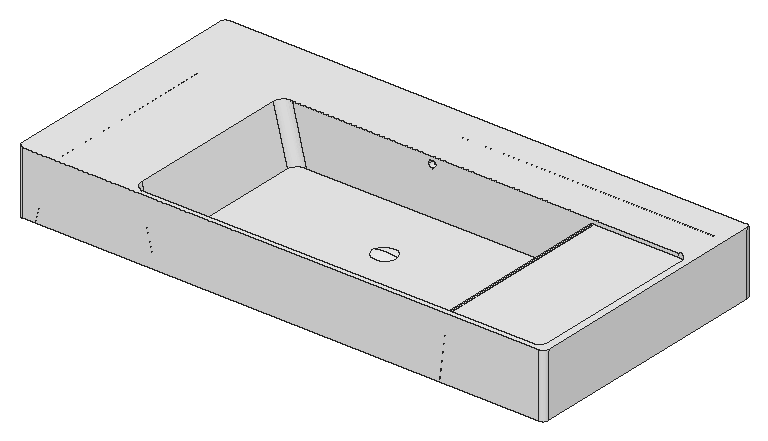
Revit family "Reece_Basin_Roca_Inspira_Wall Basin_1000 mm", category Plumbing Fixtures, Revit 2018
Family settings
  Round Connector Dimension = Use Diameter
  Part Type = Normal
  Work Plane-Based = Yes
  Always vertical = Yes
  Cut with Voids When Loaded = Yes
  Shared = Yes
  Room Calculation Point = Yes
Parameters (values of type "1 Taphole_FINECERAMIC")
  URL = "https://www.reece.com.au/product/-9508154"
  Type Comments = "Basin"
  Reece_Product_Web Page = "https://www.reece.com.au/product/-9508154"
  Reece_Product_Type = "Basin"  # constant formula
  Reece_Product_Sub Brand = "The Gap"  # constant formula
  Reece_Product_Number = "9508154"
  Reece_Product_Mount = "Wall Mounted"
  Reece_Product_Description = "Roca Inspira Wall Basin with Fixings 1000mm x 490mm White"
  Reece_Product_Brand = "Roca"  # constant formula
  Reece_Overall_Width = 1000 mm  # constant formula
  Reece_Overall_Length = 490 mm  # constant formula
  Reece_Overall_Height = 120 mm  # constant formula
  Reece_Overall_Capacity = 14.10 L  # constant formula
  Reece_Material_Secondary = Reece_Brass_Chrome
  Reece_Material_Main = Reece_FINECERAMIC_White
  Reece_Height_From_Level = 900 mm
  Reece_Detail_Installation = "Wall Basin\r\n"  # constant formula
  Reece_Detail_Disclaimer = "THIS FILE IS THE PROPERTY OF THE REECE GROUP. IT MAY NOT BE REPRODUCED, REVERSE-ENGINEERED OR MODIFIED. ANY REPUBLICATION, TRANSMISSION OR DISTRIBUTION FOR THE PURPOSE OF COMMERCIALLY EXPLOITING THE FILES IS PROHIBITED."  # constant formula
  Reece_Detail_Connector = "1 Taphole"  # constant formula
  Reece_Detail_Additional = "Integrated Overflow"  # constant formula
  Reece_Basin_Taphole 1 = yes
  Reece_Basin_Outlet = 46 mm  # constant formula
  Model = "The Gap"
  Manufacturer = "Roca"
  Keynote = "Product #9508154, Reece_Basin_Roca_Inspira_Wall Basin_1000 mm - 1 Taphole_FINECERAMIC"
  Disclaimer = "THIS FILE IS THE PROPERTY OF THE REECE GROUP. IT MAY NOT BE REPRODUCED, REVERSE-ENGINEERED OR MODIFIED. ANY REPUBLICATION, TRANSMISSION OR DISTRIBUTION FOR THE PURPOSE OF COMMERCIALLY EXPLOITING THE FILES IS PROHIBITED."  # constant formula
  Description = "Roca Inspira Wall Basin with Fixings 1000mm x 490mm White"
  Default Elevation = 0 mm
Types (2, lengths in mm): name | Keynote
  (no name) | "Product #9508154, Reece_Basin_Roca_Inspira_Wall Basin_1000 mm -  "
  1 Taphole_FINECERAMIC | "Product #9508154, Reece_Basin_Roca_Inspira_Wall Basin_1000 mm - 1 Taphole_FINECERAMIC"
Reference planes
  plane 1 "Center (Front/Back)": y = 0
  plane 2 "Bottom Host Plane": z = -5
  plane 3 "Center (Left/Right)": x = 0
  plane 4: x = -500
  plane 5: x = 500
  plane 6: x = 300
  plane 7: x = -287
  plane 8: x = 140
  plane 9: x = -140
  plane 10: x = -378
  plane 11: x = 378
  plane 12 "Top host": z = 900
  plane 13: z = 780
  plane 14: z = 737
  plane 15: x = 500
  plane 16: x = -500
  plane 17: x = 500
  plane 18: y = -490
  plane 19: y = -70
  plane 20: y = -130
  plane 21: y = -482
Forms (mm)
  Extrusion 1, solid, material "Reece_FINECERAMIC_White" <- "Reece_Material_Main"
    sketch origin (0, -245, 780) x (1, 0, 0) y (0, 1, 0)
      loop
        arc (-490, 245) -> (-497.071, 242.071) -> (-500, 235) r 10
        line (-500, 235) -> (-500, -235)
        arc (-500, -235) -> (-497.071, -242.071) -> (-490, -245) r 10
        line (-490, -245) -> (490, -245)
        arc (490, -245) -> (497.071, -242.071) -> (500, -235) r 10
        line (500, -235) -> (500, 235)
        arc (500, 235) -> (497.071, 242.071) -> (490, 245) r 10
        line (490, 245) -> (-490, 245)
    from 0 to 120
  Sweep 2, solid, material "Reece_FINECERAMIC_White" <- "Reece_Material_Main"
    path origin (0, -245, 781.25) x (1, 0, 0) y (0, 0, 1)
      loop
        line (485.845, 110) -> (304.144, 110)
        arc (304.144, 110) -> (300.766, 108.686) -> (299.163, 105.436) r 5
        line (299.163, 105.436) -> (292.001, 23.574)
        arc (292.001, 23.574) -> (289.164, 17.428) -> (283.061, 14.498) r 10
        arc (283.061, 14.498) -> (8.572, 2.258) -> (-265.917, 14.498) r 3083.832
        arc (-265.917, 14.498) -> (-271.88, 17.296) -> (-274.809, 23.195) r 10
        line (-274.809, 23.195) -> (-286.679, 117.451)
    profile origin (394.995, -245, 891.25) x (0, 0, -1) y (0, -1, 0)
      loop
        line (0, -115.206) -> (3, -115.206) -> (3, 237) -> (0, 237) -> (0, -115.206)
  Extrusion 3, void
    sketch origin (0, -245, 777.5) x (1, 0, 0) y (0, 0, 1)
      loop
        circle (0, 108.206) r 7
    from -139.339 to -76.725
  SweptBlend 4, void
    path origin (0, -245, 780) x (1, 0, 0) y (0, 0, 1)
      loop
        line (0, 0) -> (0, 120)
    profile origin (0, -245, 780) x (-1, 0, 0) y (0, -1, 0)
      loop
        line (257, -95) -> (257, 217)
        arc (257, 217) -> (251.142, 231.142) -> (237, 237) r 20
        line (237, 237) -> (-440, 237)
        arc (-440, 237) -> (-454.142, 231.142) -> (-460, 217) r 20
        line (-460, 217) -> (-460, -95)
        arc (-460, -95) -> (-454.142, -109.142) -> (-440, -115) r 20
        line (-440, -115) -> (237, -115)
        arc (237, -115) -> (251.142, -109.142) -> (257, -95) r 20
    end profile origin (0, -245, 900) x (-1, 0, 0) y (0, -1, 0)
      loop
        line (287, -95) -> (287, 217)
        arc (287, 217) -> (281.142, 231.142) -> (267, 237) r 20
        line (267, 237) -> (-467.5, 237)
        arc (-467.5, 237) -> (-481.642, 231.142) -> (-487.5, 217) r 20
        line (-487.5, 217) -> (-487.5, -95)
        arc (-487.5, -95) -> (-481.642, -109.142) -> (-467.5, -115) r 20
        line (-467.5, -115) -> (267, -115)
        arc (267, -115) -> (281.142, -109.142) -> (287, -95) r 20
  Revolve 5, solid, material "Reece_FINECERAMIC_White" <- "Reece_Material_Main"
    sketch origin (0, -245, 776.459) x (1, 0, 0) y (0, 0, 1)
      loop
        line (0, 6.428) -> (-48.934, 6.428)
        arc (-48.934, 6.428) -> (-41.372, 3.746) -> (-37.191, -3.102) r 12
        line (-37.191, -3.102) -> (-30.381, -35.488)
        arc (-30.381, -35.488) -> (-28.639, -38.342) -> (-25.488, -39.459) r 5
        line (-25.488, -39.459) -> (0, -39.459) -> (0, 6.428)
      axis (0, 6.428) -> (0, -39.459)
    angle from 0 to 360
  Extrusion 6, void
    sketch origin (0, -247, 780) x (1, 0, 0) y (0, 0, 1)
      loop
        arc (-426.944, 115) -> (-436.179, 111.82) -> (-441.499, 103.629) r 15
        line (-441.499, 103.629) -> (-467.336, 0) -> (-288.664, 0) -> (-314.501, 103.629)
        arc (-314.501, 103.629) -> (-319.821, 111.82) -> (-329.056, 115) r 15
        line (-329.056, 115) -> (-426.944, 115)
      loop
        line (430.684, 100) -> (325.316, 100)
        arc (325.316, 100) -> (316.081, 96.82) -> (310.761, 88.629) r 15
        line (310.761, 88.629) -> (299.879, 0) -> (456.121, 0) -> (445.239, 88.629)
        arc (445.239, 88.629) -> (439.919, 96.82) -> (430.684, 100) r 15
    from -107 to 240.171
  Extrusion 7, void
    sketch origin (0, -245, 780) x (0, 1, 0) y (0, 0, 1)
      loop
        line (186.504, 116.44) -> (126.31, 116.44)
        arc (126.31, 116.44) -> (125.37, 116.365) -> (124.453, 116.143) r 5.944
        line (124.453, 116.143) -> (124.453, 0) -> (221.897, 0) -> (196.98, 107.828)
        arc (196.98, 107.828) -> (193.285, 114.011) -> (186.504, 116.44) r 10.678
    from -467.336 to 490
  Extrusion 8, void
    sketch origin (0, -245, 780) x (1, 0, 0) y (0, 0, 1)
      loop
        spline (-390.5, 78) -> (-390.074, 76.059) -> (-388.825, 74.25) -> (-386.839, 72.697) -> (-384.25, 71.505) -> (-381.235, 70.756) -> (-378, 70.5) -> (-374.765, 70.756) -> (-371.75, 71.505) -> (-369.161, 72.697) -> (-367.175, 74.25) -> (-365.926, 76.059) -> (-365.5, 78)
        spline (-365.5, 78) -> (-365.926, 79.941) -> (-367.175, 81.75) -> (-369.161, 83.303) -> (-371.75, 84.495) -> (-374.765, 85.244) -> (-378, 85.5) -> (-381.235, 85.244) -> (-384.25, 84.495) -> (-386.839, 83.303) -> (-388.825, 81.75) -> (-390.074, 79.941) -> (-390.5, 78)
      loop
        spline (390.5, 78) -> (390.074, 79.941) -> (388.825, 81.75) -> (386.839, 83.303) -> (384.25, 84.495) -> (381.235, 85.244) -> (378, 85.5) -> (374.765, 85.244) -> (371.75, 84.495) -> (369.161, 83.303) -> (367.175, 81.75) -> (365.926, 79.941) -> (365.5, 78)
        spline (365.5, 78) -> (365.926, 76.059) -> (367.175, 74.25) -> (369.161, 72.697) -> (371.75, 71.505) -> (374.765, 70.756) -> (378, 70.5) -> (381.235, 70.756) -> (384.25, 71.505) -> (386.839, 72.697) -> (388.825, 74.25) -> (390.074, 76.059) -> (390.5, 78)
      loop
        spline (-152.5, 78) -> (-152.074, 76.059) -> (-150.825, 74.25) -> (-148.839, 72.697) -> (-146.25, 71.505) -> (-143.235, 70.756) -> (-140, 70.5) -> (-136.765, 70.756) -> (-133.75, 71.505) -> (-131.161, 72.697) -> (-129.175, 74.25) -> (-127.926, 76.059) -> (-127.5, 78)
        spline (-127.5, 78) -> (-127.926, 79.941) -> (-129.175, 81.75) -> (-131.161, 83.303) -> (-133.75, 84.495) -> (-136.765, 85.244) -> (-140, 85.5) -> (-143.235, 85.244) -> (-146.25, 84.495) -> (-148.839, 83.303) -> (-150.825, 81.75) -> (-152.074, 79.941) -> (-152.5, 78)
      loop
        spline (127.5, 78) -> (127.926, 76.059) -> (129.175, 74.25) -> (131.161, 72.697) -> (133.75, 71.505) -> (136.765, 70.756) -> (140, 70.5) -> (143.235, 70.756) -> (146.25, 71.505) -> (148.839, 72.697) -> (150.825, 74.25) -> (152.074, 76.059) -> (152.5, 78)
        spline (152.5, 78) -> (152.074, 79.941) -> (150.825, 81.75) -> (148.839, 83.303) -> (146.25, 84.495) -> (143.235, 85.244) -> (140, 85.5) -> (136.765, 85.244) -> (133.75, 84.495) -> (131.161, 83.303) -> (129.175, 81.75) -> (127.926, 79.941) -> (127.5, 78)
    from -259.453 to -212.792
  Revolve 9, solid, material "Reece_Brass_Chrome" <- "Reece_Material_Secondary"
    sketch origin (0, -245.039, 781.738) x (1, 0, 0) y (0, 0, 1)
      loop
        line (0, -0.24) -> (0, 7.046)
        arc (0, 7.046) -> (-16.685, 5.909) -> (-33.164, 3.06) r 162.307
        line (-33.164, 3.06) -> (-33.164, -0.24) -> (-29.746, -0.24) -> (-28.177, -4.551) -> (-23.036, -4.551) -> (-23.036, -0.24) -> (0, -0.24)
      axis (0, 7.046) -> (0, -4.551)
    angle from 0 to 360
  Revolve 10, void
    sketch origin (0, -245.039, 781.738) x (1, 0, 0) y (0, 0, 1)
      loop
        line (0, 12.931) -> (-23.036, 12.931) -> (-23.036, -44.738) -> (0, -44.738) -> (0, 12.931)
      axis (0, 12.931) -> (0, -44.738)
    angle from 0 to 360
Cuts and joins
  Extrusion 3, SweptBlend 4, Extrusion 6, Extrusion 7, Extrusion 8 cuts Extrusion 1
  Revolve 10 cuts Sweep 2
  Revolve 10 cuts Revolve 5
  joined: Extrusion 1, Sweep 2, Revolve 5
Lines and regions (mm)
  model lines, style "InvisibleLines"
    curve 1: line (0, 0, -5) -> (0, 0, 900)
  model lines, visible <- "Reece_Basin_Taphole 1"
    curve 2: circle (0, -70, 900) r 17.5 normal (0, 0, 1)
Text (mm)
  text "Reece ©" at (2750.254, -2396.412, 2870.147), in view "Reece Preview"
  text "Reece Copyright © 2018, Reece Ltd." at (-615.985, -694.172, 0), in view "Ref. Level"
Dimensions and locks
  "Reece_Overall_Width": plane 4 to plane 5
  equal spacing: plane 4, plane 3 "Center (Left/Right)", plane 5
  plane 7 to plane 6 to plane 5 = 587 mm, 200 mm
  plane 10 to plane 9 to plane 8 to plane 11 = 238 mm, 280 mm, 238 mm
  "Reece_Height_From_Level": plane 12 "Top host" to level
  "Reece_Overall_Height": plane 12 "Top host" to plane 13
  locked: plane 12 "Top host" to Revolve 5 at 163
  locked: plane 13 to plane 14 at 43
  "Reece_Overall_Width": plane 16 to plane 17
  plane 12 "Top host" to plane 14 = 163 mm
  plane 1 "Center (Front/Back)" to cut or joined group of Extrusion 1, Sweep 2, Extrusion 3, SweptBlend 4, Revolve 5, Extrusion 6, Extrusion 7, Extrusion 8, Revolve 10 = 32.208 mm
  "Reece_Overall_Length": plane 1 "Center (Front/Back)" to plane 18
  "Reece_Overall_Height": cut or joined group of Extrusion 1, Sweep 2, Extrusion 3, SweptBlend 4, Revolve 5, Extrusion 6, Extrusion 7, Extrusion 8, Revolve 10 to plane 13
  plane 7 to plane 6 to cut or joined group of Extrusion 1, Sweep 2, Extrusion 3, SweptBlend 4, Revolve 5, Extrusion 6, Extrusion 7, Extrusion 8, Revolve 10 = 587 mm, 200 mm
  plane 1 "Center (Front/Back)" to plane 19 to plane 20 to plane 21 = 70 mm, 60 mm, 352 mm
  "Reece_Overall_Length": cut or joined group of Extrusion 1, Sweep 2, Extrusion 3, SweptBlend 4, Revolve 5, Extrusion 6, Extrusion 7, Extrusion 8, Revolve 10 to plane 1 "Center (Front/Back)"
  aligned and locked: plane 12 "Top host" to curve 1
  aligned and locked: plane 2 "Bottom Host Plane" to curve 1
  aligned and locked: plane 12 "Top host" to Extrusion 1
  aligned and locked: Extrusion 1 to SweptBlend 4
Automatic sketch dimensions
  curve 1 to plane 1 "Center (Front/Back)" = 0 mm
  Extrusion 1 sketch curve to plane 4 = 0 mm
  plane 18 to Extrusion 1 sketch curve = 0 mm
  plane 1 "Center (Front/Back)" to Extrusion 1 sketch curve = 0 mm
  Extrusion 1 sketch curve to plane 5 = 0 mm
  plane 4 to Extrusion 1 sketch curve = 10 mm  (x2)
  plane 5 to Extrusion 1 sketch curve = 10 mm  (x2)
  plane 7 to Sweep 2 sketch curve = 12.191 mm
  Sweep 2 sketch curve to Sweep 2 sketch curve = 9.922 mm
  plane 3 "Center (Left/Right)" to Sweep 2 sketch curve = 8.572 mm
  Sweep 2 sketch curve to plane 6 = 17.961 mm
  Sweep 2 sketch curve to plane 6 = 7.999 mm
  Sweep 2 sketch curve to plane 6 = 0.837 mm
  plane 6 to Sweep 2 sketch curve = 4.144 mm
  Sweep 2 sketch curve to plane 13 = 24.445 mm
  Sweep 2 sketch curve to plane 13 = 24.824 mm
  Sweep 2 sketch curve to Sweep 2 sketch curve = 1.249 mm
  Sweep 2 sketch curve to Sweep 2 sketch curve = 0.872 mm
  Sweep 2 sketch curve to plane 12 "Top host" = 13.75 mm
  Sweep 2 sketch curve to Sweep 2 sketch curve = 0.436 mm
  plane 12 "Top host" to Sweep 2 sketch curve = 2967.339 mm
  plane 7 to Sweep 2 sketch curve = 0.321 mm
  Sweep 2 sketch curve to Sweep 2 sketch curve = 1.029 mm
  plane 5 to Sweep 2 sketch curve = 14.155 mm
  Sweep 2 sketch curve to plane 12 "Top host" = 1.299 mm
  Sweep 2 sketch curve to profile plane = 0 mm
  Sweep 2 sketch curve to Sweep 2 sketch curve = 3 mm
  Sweep 2 sketch curve to profile plane = 115.206 mm
  profile plane to Sweep 2 sketch curve = 237 mm
  Extrusion 3 sketch curve to plane 3 "Center (Left/Right)" = 0 mm
  Extrusion 3 sketch curve to plane 12 "Top host" = 14.294 mm
  SweptBlend 4 sketch curve to plane 3 "Center (Left/Right)" = 0 mm
  SweptBlend 4 sketch curve to plane 13 = 0 mm
  SweptBlend 4 sketch curve to plane 12 "Top host" = 0 mm
  profile plane to SweptBlend 4 sketch curve = 487.5 mm
  SweptBlend 4 sketch curve to SweptBlend 4 sketch curve = 20 mm  (x5)
  SweptBlend 4 sketch curve to profile plane = 95 mm  (x3)
  SweptBlend 4 sketch curve to profile plane = 267 mm  (x2)
  profile plane to SweptBlend 4 sketch curve = 217 mm  (x2)
  profile plane to SweptBlend 4 sketch curve = 460 mm
  SweptBlend 4 sketch curve to profile plane = 237 mm  (x2)
  Extrusion 6 sketch curve to plane 13 = 0 mm  (x2)
  plane 4 to Extrusion 6 sketch curve = 32.664 mm
  Extrusion 6 sketch curve to plane 12 "Top host" = 16.371 mm  (x2)
  plane 4 to Extrusion 6 sketch curve = 58.501 mm
  Extrusion 6 sketch curve to plane 12 "Top host" = 5 mm
  Extrusion 6 sketch curve to Extrusion 6 sketch curve = 14.554 mm  (x4)
  Extrusion 6 sketch curve to plane 7 = 42.056 mm
  Extrusion 6 sketch curve to plane 7 = 1.664 mm
  Extrusion 6 sketch curve to plane 6 = 0.121 mm
  plane 6 to Extrusion 6 sketch curve = 10.761 mm
  Extrusion 6 sketch curve to plane 12 "Top host" = 20 mm
  plane 11 to Extrusion 6 sketch curve = 52.684 mm
  Extrusion 6 sketch curve to plane 12 "Top host" = 31.371 mm
  plane 5 to Extrusion 6 sketch curve = 43.879 mm
  Extrusion 6 sketch curve to Extrusion 6 sketch curve = 15 mm
  plane 13 to Extrusion 7 sketch curve = 0 mm
  plane 1 "Center (Front/Back)" to Extrusion 7 sketch curve = 120.547 mm
  Extrusion 7 sketch curve to Extrusion 7 sketch curve = 1.857 mm
  Extrusion 7 sketch curve to plane 12 "Top host" = 14.238 mm
  plane 1 "Center (Front/Back)" to Extrusion 7 sketch curve = 58.496 mm
  Extrusion 7 sketch curve to plane 12 "Top host" = 12.172 mm
  Extrusion 7 sketch curve to Extrusion 7 sketch curve = 10.476 mm
  plane 1 "Center (Front/Back)" to Extrusion 7 sketch curve = 23.103 mm
  Extrusion 7 sketch curve to Extrusion 7 sketch curve = 5.944 mm
  plane 10 to Extrusion 8 sketch curve = 0 mm
  Extrusion 8 sketch curve to plane 9 = 0 mm
  Extrusion 8 sketch curve to plane 8 = 0 mm
  Extrusion 8 sketch curve to plane 11 = 0 mm
  plane 10 to Extrusion 8 sketch curve = 12.5 mm
  Extrusion 8 sketch curve to plane 12 "Top host" = 42 mm  (x4)
  Extrusion 8 sketch curve to plane 9 = 12.5 mm
  Extrusion 8 sketch curve to Extrusion 8 sketch curve = 12.5 mm
  plane 11 to Extrusion 8 sketch curve = 12.5 mm
  curve 2 to plane 3 "Center (Left/Right)" = 0 mm
  plane 1 "Center (Front/Back)" to curve 2 = 70 mm
  plane 13 to Revolve 9 sketch curve = 2.813 mm
  Revolve 9 sketch curve to plane 3 "Center (Left/Right)" = 0 mm  (x2)
  Revolve 9 sketch curve to plane 13 = 1.498 mm  (x2)
  Revolve 9 sketch curve to Revolve 9 sketch curve = 23.036 mm
  Revolve 9 sketch curve to Revolve 9 sketch curve = 5.141 mm
  Revolve 9 sketch curve to Revolve 9 sketch curve = 1.569 mm
  Revolve 9 sketch curve to Revolve 9 sketch curve = 3.418 mm
  plane 3 "Center (Left/Right)" to Revolve 9 sketch curve = 2.68 mm
  Revolve 9 sketch curve to plane 14 = 110.501 mm
  Revolve 9 sketch curve to Revolve 9 sketch curve = 3.301 mm
  Revolve 9 sketch curve to Revolve 9 sketch curve = 0 mm  (x2)
  Revolve 5 sketch curve to plane 14 = 0 mm
  Revolve 5 sketch curve to plane 3 "Center (Left/Right)" = 0 mm  (x2)
  Revolve 5 sketch curve to Revolve 5 sketch curve = 25.488 mm
  plane 14 to Revolve 5 sketch curve = 3.971 mm
  Revolve 5 sketch curve to Revolve 5 sketch curve = 4.893 mm
  plane 13 to Revolve 5 sketch curve = 6.643 mm
  Revolve 5 sketch curve to Revolve 5 sketch curve = 37.191 mm
  Revolve 5 sketch curve to Revolve 5 sketch curve = 11.743 mm
  plane 13 to Revolve 5 sketch curve = 9.113 mm
  plane 13 to Revolve 5 sketch curve = 18.028 mm
  plane 13 to Revolve 5 sketch curve = 0.541 mm
  Revolve 10 sketch curve to plane 14 = 0 mm
  Revolve 10 sketch curve to plane 3 "Center (Left/Right)" = 0 mm  (x2)
  Revolve 10 sketch curve to Revolve 10 sketch curve = 23.036 mm
  Revolve 10 sketch curve to plane 13 = 14.669 mm
  Revolve 10 sketch curve to plane 13 = 1.498 mm
  Revolve 10 sketch curve to Revolve 10 sketch curve = 51.784 mm
  radius of Extrusion 3 sketch curve = 7 mm
  radius of curve 2 = 17.5 mm
Connectors
  piping at (0, -245, 737), diameter 46, driven by "Reece_Basin_Outlet"
    settings: on cut or joined group of Extrusion 1, Sweep 2, Extrusion 3, SweptBlend 4, Revolve 5, Extrusion 6, Extrusion 7, Extrusion 8, Revolve 10, index 1, connector inside diameter 609.6 mm, connector length 0 mm, flow factor 0, pipe flow 0.0 L/s, pressure drop 0.0 Pa, fitting loss kfactor 0, connector angle 0.00°, fixture units 0, engagement length 0 mm, angle of deflection 0.00°, flow configuration 0, flow direction 2, fitting loss method 0, system type 16, joint type 0, gender type 0, connector reference index -1, connector utility 0, adjustable connector no, is connector primary yes, connector description ""
